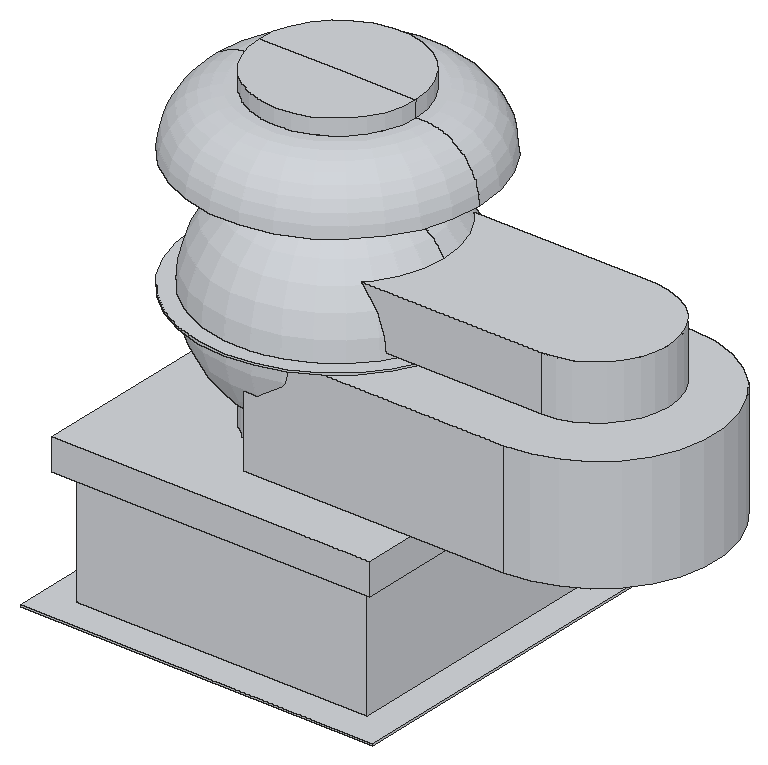
Revit family "CVR", category Mechanical Equipment, Revit 2019
Family settings
  Round Connector Dimension = Use Diameter
  Part Type = Normal
  Work Plane-Based = No
  Always vertical = Yes
  Cut with Voids When Loaded = No
  Shared = No
  Room Calculation Point = No
Parameters (values of type "10_CVR")
  Unit Weight [instance] = ""
  T_SQ/2 = T_SQ / 2  # 0' - 10"
  T_SQ = 1' - 8"
  Sones [instance] = ""
  SIZE/2 = SIZE / 2  # 0' - 5"
  SIZE = 0' - 10"
  RO/2 = RO / 2  # 0' - 7 3/4"
  RO = T_SQ - 0' 4 1/2"  # 1' - 3 1/2"
  Motor RPM [instance] = ""
  Motor Enclosure [instance] = ""
  ModelID [instance] = ""
  LwA [instance] = ""
  G-.125" = G - 0' 0 1/8"  # 0' - 1 7/8"
  G+2.5" = 0' - 2 1/2"
  G+(C/2) = G + (C / 2)  # 0' - 9 3/4"
  G = 0' - 2"
  Fan RPM [instance] = ""
  F/2 = F / 2  # 0' - 9 1/16"
  F = 1' - 6 1/8"
  E/2 = E / 2  # 0' - 7 1/2"
  E = 1' - 3"
  D/2 = D / 2  # 0' - 8 3/32"
  D = 1' - 4 3/16"
  CURB_HEIGHT [instance] = 0' - 9 1/2"
  CURB [instance] = yes
  C/2 = C / 2  # 0' - 7 3/4"
  C = 1' - 3 1/2"
  B/2 = B / 2  # 0' - 2 5/16"
  B = 0' - 4 5/8"
  Accessories [instance] = ""
  A/2 = A / 2  # 0' - 10 1/16"
  A = 1' - 8 1/8"
  3" = 0' - 3"  # constant formula
  Brake Hp [instance] = ""
  4" = 0' - 4"  # constant formula
  2' = 2' - 0"
  2" = 0' - 2"  # constant formula
  1" = 0' - 1"  # constant formula
  0 = 0' - 0"  # constant formula
  Voltage [instance] = 0 V
  URL = "www.lorencook.com"
  Type Comments = "Centri-Vane All Aluminum Centrifugal Blower Exhaust Roof Mounted/Belt Drive"  # constant formula
  Static Pressure [instance] = 0.00 in-wg
  Power [instance] = Voltage * Motor FLA * sqrt(if(Phase = 3, 3, 1))  # 0 VA
  Phase [instance] = 0
  Number of Poles [instance] = 1
  Motor Hp [instance] = "0"
  Motor FLA [instance] = 0 A
  Model = "CVR"  # constant formula
  Manufacturer = "Loren Cook Company"
  CFM [instance] = 0 CFM
  1.5 = 0' - 1 1/2"  # constant formula
  ONE EIGTH = 0' - 0 1/8"  # constant formula
  (T_SQ/2)+.125" = (T_SQ / 2) + 0' 0 1/8"  # 0' - 10 1/8"
  (SIZE/2)*.66 = (SIZE / 2) * 0.66  # 0' - 3.3"
  (D+1")/2 = (D + 0' 2") / 2  # 0' - 9 3/32"
Types (11): name | T_SQ/2 | T_SQ | SIZE/2 | SIZE | RO/2 | RO | G-.125" | G+2.5" | G+(C/2) | G | F/2 | F | E/2 | E | D/2 | D | C/2 | C | B/2 | B | A/2 | A | (T_SQ/2)+.125" | (SIZE/2)*.66 | (D+1")/2
  (no name) | 0' - 10" | 1' - 8" | 0' - 5" | 0' - 10" | 0' - 7 3/4" | 1' - 3 1/2" | 0' - 1 7/8" | 0' - 2 1/2" | 0' - 9 3/4" | 0' - 2" | 0' - 9 1/16" | 1' - 6 1/8" | 0' - 7 1/2" | 1' - 3" | 0' - 8 3/32" | 1' - 4 3/16" | 0' - 7 3/4" | 1' - 3 1/2" | 0' - 2 5/16" | 0' - 4 5/8" | 0' - 10 1/16" | 1' - 8 1/8" | 0' - 10 1/8" | 0' - 3.3" | 0' - 9 3/32"
  10_CVR | 0' - 10" | 1' - 8" | 0' - 5" | 0' - 10" | 0' - 7 3/4" | 1' - 3 1/2" | 0' - 1 7/8" | 0' - 2 1/2" | 0' - 9 3/4" | 0' - 2" | 0' - 9 1/16" | 1' - 6 1/8" | 0' - 7 1/2" | 1' - 3" | 0' - 8 3/32" | 1' - 4 3/16" | 0' - 7 3/4" | 1' - 3 1/2" | 0' - 2 5/16" | 0' - 4 5/8" | 0' - 10 1/16" | 1' - 8 1/8" | 0' - 10 1/8" | 0' - 3.3" | 0' - 9 3/32"
  12_CVR | 0' - 10" | 1' - 8" | 0' - 6" | 1' - 0" | 0' - 7 3/4" | 1' - 3 1/2" | 0' - 1 7/8" | 0' - 2 1/2" | 0' - 10 9/16" | 0' - 2" | 1' - 1 31/32" | 2' - 3 15/16" | 0' - 7 1/2" | 1' - 3" | 0' - 9 9/16" | 1' - 7 1/8" | 0' - 8 9/16" | 1' - 5 1/8" | 0' - 2 1/2" | 0' - 5" | 0' - 11 1/16" | 1' - 10 1/8" | 0' - 10 1/8" | 0' - 3.96" | 0' - 10 9/16"
  14_CVR | 1' - 0" | 2' - 0" | 0' - 7" | 1' - 2" | 0' - 9 3/4" | 1' - 7 1/2" | 0' - 1 7/8" | 0' - 4 1/2" | 0' - 11 9/16" | 0' - 2" | 1' - 1 31/32" | 2' - 3 15/16" | 0' - 8" | 1' - 4" | 0' - 11" | 1' - 10" | 0' - 9 9/16" | 1' - 7 1/8" | 0' - 2 1/2" | 0' - 5" | 1' - 0 1/16" | 2' - 0 1/8" | 1' - 0 1/8" | 0' - 4.62" | 1' - 0"
  16_CVR | 1' - 0" | 2' - 0" | 0' - 8" | 1' - 4" | 0' - 9 3/4" | 1' - 7 1/2" | 0' - 1 7/8" | 0' - 4 1/2" | 1' - 0 25/32" | 0' - 2" | 1' - 1 31/32" | 2' - 3 15/16" | 0' - 8 1/2" | 1' - 5" | 1' - 0 7/16" | 2' - 0 7/8" | 0' - 10 25/32" | 1' - 9 9/16" | 0' - 2 1/2" | 0' - 5" | 1' - 1 9/32" | 2' - 2 9/16" | 1' - 0 1/8" | 0' - 5.28" | 1' - 1 7/16"
  18_CVR | 1' - 2" | 2' - 4" | 0' - 9" | 1' - 6" | 0' - 11 3/4" | 1' - 11 1/2" | 0' - 1 7/8" | 0' - 4 1/2" | 1' - 2 1/4" | 0' - 2" | 1' - 1 31/32" | 2' - 3 15/16" | 0' - 9 1/2" | 1' - 7" | 1' - 1 7/8" | 2' - 3 3/4" | 1' - 0 1/4" | 2' - 0 1/2" | 0' - 2 1/2" | 0' - 5" | 1' - 2 3/4" | 2' - 5 1/2" | 1' - 2 1/8" | 0' - 5.94" | 1' - 2 7/8"
  20_CVR | 1' - 2" | 2' - 4" | 0' - 10" | 1' - 8" | 0' - 11 3/4" | 1' - 11 1/2" | 0' - 1 7/8" | 0' - 4 1/2" | 1' - 3 1/4" | 0' - 2" | 1' - 6" | 3' - 0" | 0' - 9 1/2" | 1' - 7" | 1' - 3 1/4" | 2' - 6 1/2" | 1' - 1 1/4" | 2' - 2 1/2" | 0' - 3 3/8" | 0' - 6 3/4" | 1' - 4 5/8" | 2' - 9 1/4" | 1' - 2 1/8" | 0' - 6.6" | 1' - 4 1/4"
  24_CVR | 1' - 4" | 2' - 8" | 1' - 0" | 2' - 0" | 1' - 1 3/4" | 2' - 3 1/2" | 0' - 2 7/8" | 0' - 5 1/2" | 1' - 6 11/16" | 0' - 3" | 1' - 6" | 3' - 0" | 0' - 10 1/2" | 1' - 9" | 1' - 6 1/4" | 3' - 0 1/2" | 1' - 3 11/16" | 2' - 7 3/8" | 0' - 3 3/8" | 0' - 6 3/4" | 1' - 7 1/16" | 3' - 2 1/8" | 1' - 4 1/8" | 0' - 7.92" | 1' - 7 1/4"
  28_CVR | 1' - 6" | 3' - 0" | 1' - 2" | 2' - 4" | 1' - 3 3/4" | 2' - 7 1/2" | 0' - 2 7/8" | 0' - 5 1/2" | 1' - 9" | 0' - 3" | 1' - 9 1/16" | 3' - 6 1/8" | 1' - 2 1/2" | 2' - 5" | 1' - 9" | 3' - 6" | 1' - 6" | 3' - 0" | 0' - 4" | 0' - 8" | 1' - 10" | 3' - 8" | 1' - 6 1/8" | 0' - 9.24" | 1' - 10"
  32_CVR | 1' - 9" | 3' - 6" | 1' - 4" | 2' - 8" | 1' - 6 3/4" | 3' - 1 1/2" | 0' - 2 7/8" | 0' - 5 1/2" | 1' - 11 7/16" | 0' - 3" | 2' - 2" | 4' - 4" | 1' - 3" | 2' - 6" | 2' - 0" | 4' - 0" | 1' - 8 7/16" | 3' - 4 7/8" | 0' - 8 1/2" | 1' - 5" | 2' - 4 15/16" | 4' - 9 7/8" | 1' - 9 1/8" | 0' - 10.56" | 2' - 1"
  36_CVR | 2' - 0" | 4' - 0" | 1' - 4" | 2' - 8" | 1' - 9 3/4" | 3' - 7 1/2" | 0' - 2 7/8" | 0' - 5 1/2" | 2' - 1" | 0' - 3" | 2' - 7" | 5' - 2" | 1' - 4" | 2' - 8" | 2' - 2 11/16" | 4' - 5 3/8" | 1' - 10" | 3' - 8" | 0' - 8 3/4" | 1' - 5 1/2" | 2' - 6 3/4" | 5' - 1 1/2" | 2' - 0 1/8" | 0' - 10.56" | 2' - 3 11/16"
Reference planes (in)
  plane 1 "Center (Front/Back)": y = 0
  plane 2: z = 0
  plane 3 "Center (Left/Right)": x = 0.40541
Forms (in)
  Extrusion 1, solid
    sketch origin (0, 0, 0) x (1, 0, 0) y (0, 1, 0)
      loop
        line (-9.71959, 10.125) -> (-9.71959, -10.125) -> (10.53041, -10.125) -> (10.53041, 10.125) -> (-9.71959, 10.125)
    from 0 to 2 <- "G"
  Extrusion 2, void
    sketch origin (0, 0, 0) x (1, 0, 0) y (0, 1, 0)
      loop
        line (-9.59459, 10) -> (-9.59459, -10) -> (10.40541, -10) -> (10.40541, 10) -> (-9.59459, 10)
    from 0 to 1.875 <- "G-.125""
  Revolve 3, solid
    sketch origin (0, 0, 0) x (1, 0, 0) y (0, 0, 1)
      loop
        line (0.40541, 2) -> (5.40541, 2) -> (5.40541, 4)
        arc (5.40541, 4) -> (8.49916, 9.75) -> (5.40541, 15.5) r 6.89031
        line (5.40541, 15.5) -> (5.40541, 17.5) -> (0.40541, 17.5) -> (0.40541, 2)
      axis (0.40541, 17.5) -> (0.40541, 2)
    angle from 0 to 360
  Revolve 4, solid
    sketch origin (0, 0, 0) x (1, 0, 0) y (0, 0, 1)
      loop
        line (0.40541, 17.5) -> (9.46791, 17.5)
        arc (9.46791, 17.5) -> (8.24852, 20.22234) -> (5.40541, 21.125) r 3.64856
        line (5.40541, 21.125) -> (5.40541, 22.125) -> (0.40541, 22.125) -> (0.40541, 17.5)
      axis (0.40541, 22.125) -> (0.40541, 17.5)
    angle from 0 to 360
  Extrusion 5, solid
    sketch origin (0, 0, 0) x (1, 0, 0) y (0, 1, 0)
      loop
        line (0.40541, -3.175) -> (0.40541, -3.3) -> (9.49916, -3.3) -> (9.49916, 3.3) -> (0.40541, 3.3) -> (0.40541, 3.175) -> (9.37416, 3.175) -> (9.37416, -3.175) -> (0.40541, -3.175)
    from 2.5 <- "G+2.5"" to 9.75 <- "G+(C/2)"
  Revolve 6, solid
    sketch origin (0, 0, 0) x (1, 0, 0) y (0, 0, 1)
      loop
        line (8.49916, 9.875) -> (8.49916, 9.75) -> (9.49916, 9.75) -> (9.49916, 9.875) -> (8.49916, 9.875)
      axis (0.40541, 9.75) -> (0.40541, 9.875)
    angle from 0 to 360
  Extrusion 7, solid
    sketch origin (0, 0, 0) x (1, 0, 0) y (0, 1, 0)
      loop
        arc (16.99916, -7.5) -> (24.49916, 0) -> (16.99916, 7.5) r 7.5
        line (16.99916, 7.5) -> (0.40541, 7.5) -> (0.40541, -7.5) -> (16.99916, -7.5)
    from 2.5 <- "G+2.5"" to 9.75 <- "G+(C/2)"
  Extrusion 8, solid
    sketch origin (0, 0, 9.75) x (1, 0, 0) y (0, 1, 0)
      loop
        arc (16.99916, -4.5) -> (21.49916, 0) -> (16.99916, 4.5) r 4.5
        line (16.99916, 4.5) -> (0.40541, 4.5) -> (0.40541, -4.5) -> (16.99916, -4.5)
    from 0.5 to 4
  Extrusion 9, solid, visible <- "CURB"
    sketch origin (0, 0, 1.875) x (0, 1, 0) y (1, 0, 0)
      loop
        line (9.25, -8.84459) -> (9.25, 9.65541) -> (-9.25, 9.65541) -> (-9.25, -8.84459) -> (9.25, -8.84459)
      loop
        line (-7.75, 8.15541) -> (-7.75, -7.34459) -> (7.75, -7.34459) -> (7.75, 8.15541) -> (-7.75, 8.15541)
    from 0 to 9.5 <- "CURB_HEIGHT"
  Extrusion 10, solid, visible <- "CURB"
    sketch origin (0, 0, -7.625) x (-1, 0, 0) y (0, 1, 0)
      loop
        line (8.84459, -9.25) -> (8.84459, 9.25) -> (-9.65541, 9.25) -> (-9.65541, -9.25) -> (8.84459, -9.25)
      loop
        line (-11.65541, 11.25) -> (-11.65541, -11.25) -> (10.84459, -11.25) -> (10.84459, 11.25) -> (-11.65541, 11.25)
    from 0 to -0.125
Cuts and joins
  Extrusion 2 cuts Extrusion 1
Dimensions and locks (in)
  "(T_SQ/2)+.125"": Extrusion 1 sketch curve to plane 3 "Center (Left/Right)"
  "(T_SQ/2)+.125"": plane 3 "Center (Left/Right)" to Extrusion 1 sketch curve
  "(T_SQ/2)+.125"": plane 1 "Center (Front/Back)" to Extrusion 1 sketch curve
  "(T_SQ/2)+.125"": Extrusion 1 sketch curve to plane 1 "Center (Front/Back)"
  "T_SQ/2": Extrusion 2 sketch curve to plane 3 "Center (Left/Right)"
  "T_SQ/2": plane 3 "Center (Left/Right)" to Extrusion 2 sketch curve
  "T_SQ/2": plane 1 "Center (Front/Back)" to Extrusion 2 sketch curve
  "T_SQ/2": Extrusion 2 sketch curve to plane 1 "Center (Front/Back)"
  "0": Revolve 3 sketch curve to cut or joined group of Extrusion 1, Extrusion 2
  "C": Revolve 3 sketch curve to Revolve 3 sketch curve
  "D/2": Revolve 3 sketch curve to plane 3 "Center (Left/Right)"
  "0": Revolve 3 sketch curve to plane 3 "Center (Left/Right)"  (x2)
  "SIZE/2": Revolve 3 sketch curve to plane 3 "Center (Left/Right)"
  "SIZE/2": plane 3 "Center (Left/Right)" to Revolve 3 sketch curve
  "2"": Revolve 3 sketch curve to Revolve 3 sketch curve  (x2)
  "B": Revolve 4 sketch curve to Revolve 4 sketch curve
  "SIZE/2": Revolve 4 sketch curve to plane 3 "Center (Left/Right)"
  "1"": Revolve 4 sketch curve to Revolve 4 sketch curve
  "F/2": Revolve 4 sketch curve to plane 3 "Center (Left/Right)"
  "0": Revolve 4 sketch curve to plane 3 "Center (Left/Right)"  (x2)
  "0": Revolve 4 sketch curve to Revolve 3
  "(SIZE/2)*.66": plane 1 "Center (Front/Back)" to Extrusion 5 sketch curve  (x2)
  "ONE EIGTH": Extrusion 5 sketch curve to Extrusion 5 sketch curve  (x3)
  "0": Extrusion 5 sketch curve to plane 3 "Center (Left/Right)"  (x2)
  "(D+1")/2": plane 3 "Center (Left/Right)" to Extrusion 5 sketch curve
  "0": Revolve 6 sketch curve to Extrusion 5
  "ONE EIGTH": Revolve 6 sketch curve to Revolve 6 sketch curve
  "D/2": Revolve 6 sketch curve to plane 3 "Center (Left/Right)"
  "1"": Revolve 6 sketch curve to Revolve 6 sketch curve
  "0": Revolve 6 sketch curve to plane 3 "Center (Left/Right)"
  "E": Extrusion 5 to Extrusion 7 sketch curve
  "0": Extrusion 7 sketch curve to plane 1 "Center (Front/Back)"
  "0": Extrusion 5 to Extrusion 7 sketch curve
  "3"": Extrusion 7 to Extrusion 8 sketch curve  (x2)
  "E/2": Extrusion 5 to Extrusion 8 sketch curve
  "0": Extrusion 8 sketch curve to plane 3 "Center (Left/Right)"
  "0": Extrusion 7 sketch curve to plane 3 "Center (Left/Right)"
  Extrusion 7 sketch curve to plane 1 "Center (Front/Back)" = 0' - 7 1/2"
  "E/2": Extrusion 7 sketch curve to plane 1 "Center (Front/Back)"
  "RO/2": Extrusion 9 sketch curve to plane 3 "Center (Left/Right)"
  "RO/2": plane 3 "Center (Left/Right)" to Extrusion 9 sketch curve
  "RO/2": plane 1 "Center (Front/Back)" to Extrusion 9 sketch curve
  "RO/2": Extrusion 9 sketch curve to plane 1 "Center (Front/Back)"
  "1.5": Extrusion 9 sketch curve to Extrusion 9 sketch curve  (x4)
  "0": Extrusion 10 sketch curve to Extrusion 9  (x3)
  "0": Extrusion 9 to Extrusion 10 sketch curve
  "2"": Extrusion 9 to Extrusion 10 sketch curve
  "2"": Extrusion 10 sketch curve to Extrusion 9  (x3)
Automatic sketch dimensions
  Revolve 3 sketch curve to level = 0' - 3"
  Revolve 3 sketch curve to Revolve 3 sketch curve = 0' - 0"
  Revolve 4 sketch curve to Revolve 4 sketch curve = 0' - 0"
  Revolve 4 sketch curve to Revolve 4 sketch curve = 0' - 2 1/2"
  Revolve 6 sketch curve to Revolve 6 sketch curve = 0' - 10.22759"
  Revolve 6 sketch curve to Revolve 6 sketch curve = 0' - 4"
  Extrusion 8 sketch curve to Extrusion 8 sketch curve = 0' - 0"
  Extrusion 7 sketch curve to Extrusion 7 sketch curve = 0' - 0"
Connectors (in)
  electrical at (8.70229, 0, 2.5)
    settings: on Extrusion 7, index 2, voltage 0 V, apparent load 0 VA, apparent load phase1 0 VA, apparent load phase2 0 VA, apparent load phase3 0 VA, power factor 1, load classification "Other", number of poles 1, system type 30, power factor state 1, is connector primary yes, connector utility no, sub classification motor no, connector description ""
  hvac at (0.40541, 0, 2), driven by "RO", driven by "RO", driven by "CFM"
    settings: on cut or joined group of Extrusion 1, Extrusion 2, index 3, duct flow 0 CFM, flow factor 0, pres drop 0.00 in-wg, loss coef 0, conn angle 0.00°, conn width 15 1/2", conn height 15 1/2", conn diameter 24", duct sys type 3, conn prof type 1, flow config 0, flow direction 1, loss method 0, conn ref index -1, conn util no, is conn primary yes, conn desc ""
